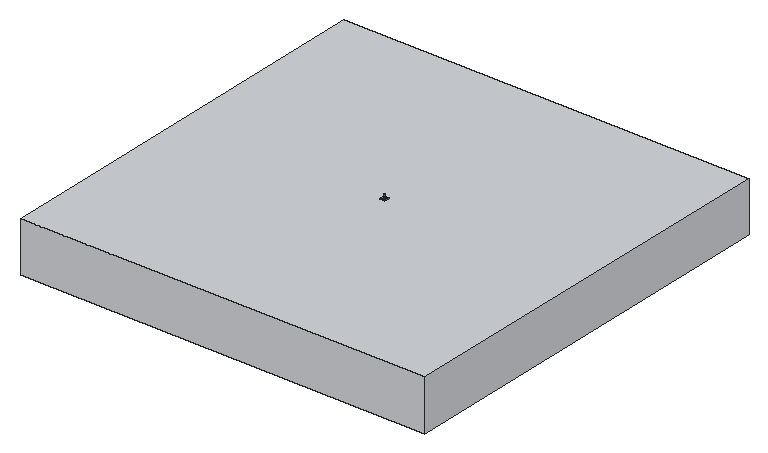
Revit family "Gira_099600", category Elektroinstallationen, Revit 2017
Family settings
  Basisbauteil = Fläche
  Beschriftungsausrichtung beibehalten = Nein
  Bemaßung runder Anschluss = Durchmesser verwenden
  Teiletyp = Normal
  Beim Laden mit Abzugskörper schneiden = Nein
  Gemeinsam genutzt = Nein
  Raumberechnungspunkt = Nein
Parameters
  Default Elevation = 1219.2 mm
  URL = "https://www.gira.de/"
  Typname = "Glimmlampenelement 0,8 mA Zubehör"
  Produktseite = "http://katalog.gira.de/de_DE/datenblatt.html?artikelnr=099600"
  Nennstromaufnahme = 0.0008 A
  Nennstrom = 0.008 A
  Leuchtmittel = "Glimmlampe"
  Hersteller = "Gira"
  HAN = "099600"
  GTIN = "4010337996002"
  Fassung = "Stecksockel"
  Datenblatt = "https://katalog.gira.de/de_DE/download.html?artikelnr=099600"
  Beschreibung = "Glimmlampenelement 230 V~  0,8 mA"
  BIM = "https://media.stage.bim.site/public/gira/876eb45/Glimmlampe.rfa"
  Anwendung = "Schalter/Taster"
Reference planes
  plane 1 "Center (Front/Back)": y = 0
  plane 2: z = 0
  plane 3 "Center (Left/Right)": x = 0
Forms (mm)
  Extrusion 1, solid
    sketch origin (0, 0, 0) x (1, 0, 0) y (0, 1, 0)
      loop
        line (-1219.2, 1219.2) -> (-1219.2, -1219.2) -> (1219.2, -1219.2) -> (1219.2, 1219.2) -> (-1219.2, 1219.2)
    from 0 to -304.8
  Extrusion 2, solid, material "Black", detail levels medium+fine
    sketch origin (-13.5, 646.5, 0) x (1, 0, 0) y (0, 1, 0)
      loop
        line (0, -633) -> (0, -660) -> (27, -660) -> (27, -633) -> (0, -633)
    from 0 to 2
  Extrusion 3, solid, material "Black", detail levels medium+fine
    sketch origin (0, 0, 0) x (1, 0, 0) y (0, 1, 0)
      loop
        circle (0, 0) r 4
    from 2 to 22
  Extrusion 4, solid, material "Black", detail levels coarse
    sketch origin (0, 0, 0) x (1, 0, 0) y (0, 1, 0)
      loop
        line (-13.5, 13.5) -> (-13.5, -13.5) -> (13.5, -13.5) -> (13.5, 13.5) -> (-13.5, 13.5)
    from 0 to 22
Dimensions and locks
  aligned and locked: plane 2 to Extrusion 1
  aligned and locked: level to Extrusion 1
Connectors
  electrical at (0, 0, 0)
    settings: on Extrusion 2, index 1, voltage 220 V, apparent load 0 VA, apparent load phase1 0 VA, apparent load phase2 0 VA, apparent load phase3 0 VA, power factor 1, load classification "Other", number of poles 1, system type 30, power factor state 1, is connector primary yes, connector utility no, sub classification motor no, connector description ""
